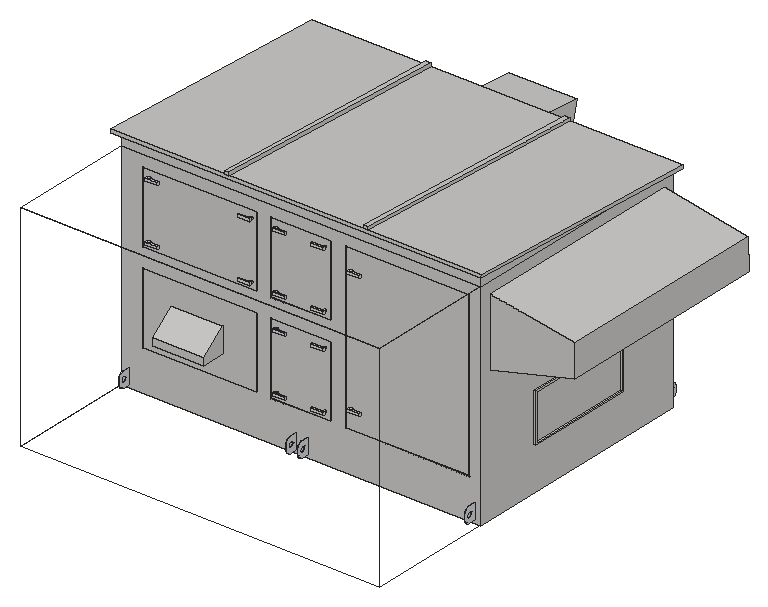
Revit family "DN-3RT-2FP-EH", category Mechanical Equipment, Revit 2016
Family settings
  Part Type = Normal
  Round Connector Dimension = Use Diameter
  OmniClass Number = 23.75.00.00
  OmniClass Title = Climate Control (HVAC)
  Work Plane-Based = No
  Always vertical = Yes
  Cut with Voids When Loaded = No
  Shared = No
  Room Calculation Point = No
Parameters (values of type "2 @ 2.70 kW ea.")
  Voltage [instance] = "200-240 V"
  Unit Weight Range (lbs) [instance] = "2900-3425 lbs."
  Max. Shipping Weight (lbs) [instance] = "3125-3650 lbs."
  Unit Dimensions (L x W x H) [instance] = "149-7/8\" x 108-1/8\" x 77-1/8\""
  Shipping Dimensions (L x W x H) [instance] = "140\" x 90\" x 83\""
  Unit [instance] = Renewaire - Galvanized Steel
  URL = "www.renewaire.com"
  Typical Airflow Range = "750-3300 CFM"
  Standard Features [instance] = "EC Motors for both airstreams, Direct drive backward inclined plenum, Higher ESP of up to 2.5\" w.g. at 3,000 CFM, Integrated programmable controls, True 100% face and bypass enthalpy based modulating economizer, Class 1 low leakage motorized isolation dampers, Stainless steel double-sloped drain pan with cooling option, 1\" Double wall foam injected 20 gauge galvanized panel construction with R6.5 insulation"
  Service Area Visibility [instance] = yes
  Service Area Box [instance] = Renewaire - Interference
  Revit Object Download Link [instance] = ""
  Phase [instance] = "Three"
  Options [instance] = "Heat pump, Modulating hot gas reheat, Steam or hot water coil, gas heat module or electric heater, Onboard variable frequency drives (VFDs) - both airstreams, Fused disconnect, Spring isolators (VFDs only), 2\" Double wall foam injected 20 gauge galvanized panel construction with R13 insulation, Exterior paint - grey, white, custom color, Salt spray - 2500 hours, BACNET factory activation, GFCI convenience outlet, Recirculation damper, Drain overflow switch,Mist eliminator, Electrofin coating for coils"
  Number Motors [instance] = "Qty. 2, Direct drive motorized impeller packages"
  Model = "DN-3RT-2FP-EH"
  Minimum Circuit Amps [instance] = "19.4 A"
  Maximum Overcurrent Protection [instance] = "25 A"
  Manufacturer = "Renewaire LLC"
  Inlets/Outlets [instance] = "OA & RA Inlets: 36\" x 16\", SA Outlet: 24\" x 16\", EA Outlet: 20\" x 16\""
  Frequency [instance] = "50/60 Hz"
  Filters [instance] = "Total qty. 6, MERV 8: 20\" x 20\" x 2\""
  FLA per Motor [instance] = "8.6-7.2"
  Energy Recovery Type [instance] = "Static plate total energy transfer"
  Description = "Energy Recovery Ventilator"
  Accessories [instance] = "Filters - MERV 13, 2\"  and 4\" (shipped loose), MERV 14, 2\" and 4\" (shipped loose), Additional filters available upon request, Roof curb - standard 14\", Hurricane or seismic rated curbs, Curb clip kit, Carbon dioxide sensor/control - wall mount (CO2-W), duct mount (CO2-D), IAQ sensor - wall mount (IAQ-W), duct mount (IAQ-D), Motion occupancy sensor/control - ceiling mount (MC-C), wall mount (MC-W), Smoke detector, Room temperature and humidity sensor, Duct static pressure sensor with display to 10\", without display 0-2\", Room pressure sensor with display to 1\", without display 0-1\", Waterless trap negative pressure, waterless trap positive pressure, Remote display"
  AHRI 1060 Certified Core [instance] = "Three L-125-G5"
Types (6): name | Voltage | Minimum Circuit Amps | Maximum Overcurrent Protection | FLA per Motor
  (no name) | "200-240 V" | "19.4 A" | "25 A" | "8.6-7.2"
  2 @ 2.70 kW ea. | "200-240 V" | "19.4 A" | "25 A" | "8.6-7.2"
  2 @ 3.70 kW ea. | "380-480 V" | "13.5 A" | "15 A" | "6.0-4.6"
  2 @ 5HP ea. 208-230V | "208-230 V" | "31.3 A" | "45 A" | "13.9-13.4/6.7"
  2 @ 5HP ea. 460V | "460V" | "15.1 A" | "20 A" | "6.7"
  2 @ 5HP ea. 575V | "575V" | "11.9 A" | "15 A" | "5.3"
Reference planes (in)
  plane 1 "Center (Front/Back)": y = 0
  plane 2: z = 0
  plane 3 "Center (Left/Right)": x = 0
  plane 4: y = -39.6875
  plane 5: x = -48.25
Forms (in)
  Extrusion 1, solid, material "Renewaire - Galvanized Steel" <- "Unit"
    sketch origin (0, 0, 0) x (0, 1, 0) y (0, 0, 1)
      loop
        line (38.6875, 70.875) -> (-40.6875, 70.875) -> (-40.6875, 0) -> (38.6875, 0) -> (38.6875, 70.875)
    from 70.875 to -48.25
  Extrusion 2, void
    sketch origin (0, 0, 0) x (1, 0, 0) y (0, 0, 1)
      loop
        line (-41.23219, 67.32399) -> (-41.23219, 43.32172) -> (-3.23221, 43.32172) -> (-3.23221, 67.32399) -> (-41.23219, 67.32399)
      loop
        line (21.2974, 67.32399) -> (1.2974, 67.32399) -> (1.2974, 43.32172) -> (21.2974, 43.32172) -> (21.2974, 67.32399)
      loop
        line (67.20649, 67.32399) -> (26.2065, 67.32399) -> (26.2065, 13.32173) -> (67.20649, 13.32173) -> (67.20649, 67.32399)
      loop
        line (-41.23219, 37.32286) -> (-41.23219, 13.3206) -> (-3.23221, 13.3206) -> (-3.23221, 37.32286) -> (-41.23219, 37.32286)
      loop
        line (21.2974, 37.32286) -> (1.2974, 37.32286) -> (1.2974, 13.3206) -> (21.2974, 13.3206) -> (21.2974, 37.32286)
    from 41.6875 to 39.6875
  Extrusion 3, solid, material "Renewaire - Galvanized Steel" <- "Unit"
    sketch origin (0, -1.04504, 1.25231) x (0, 1, 0) y (0, 0, 1)
      loop
        line (12.02253, 30.88417) -> (-11.97747, 30.88417) -> (-11.97747, 14.88417) -> (12.02253, 14.88417) -> (12.02253, 30.88417)
      loop
        line (11.77253, 30.63417) -> (-11.72747, 30.63417) -> (-11.72747, 15.13417) -> (11.77253, 15.13417) -> (11.77253, 30.63417)
    from -48.25 to -49.25
  Extrusion 4, solid, material "Renewaire - Galvanized Steel" <- "Unit"
    sketch origin (0, -1.04504, 3) x (0, 1, 0) y (0, 0, 1)
      loop
        line (-17.97746, 27.82167) -> (-17.97746, 11.82167) -> (18.02254, 11.82167) -> (18.02254, 27.82167) -> (-17.97746, 27.82167)
      loop
        line (-17.72746, 27.57167) -> (-17.72746, 12.07167) -> (17.77254, 12.07167) -> (17.77254, 27.57167) -> (-17.72746, 27.57167)
    from 71.875 to 70.875
  Extrusion 5, void
    sketch origin (0, 0, 0) x (1, 0, 0) y (0, 1, 0)
      loop
        line (-46.25, 36.6875) -> (-46.25, -38.6875) -> (68.875, -38.6875) -> (68.875, 36.6875) -> (-46.25, 36.6875)
    from -1 to 6
  Extrusion 6, void
    sketch origin (0, 0, 0) x (1, 0, 0) y (0, 1, 0)
      loop
        line (63.82319, 17.02251) -> (47.8232, 17.02251) -> (47.8232, -18.97749) -> (63.82319, -18.97749) -> (63.82319, 17.02251)
      loop
        line (-23.4555, 11.02929) -> (-39.4555, 11.02929) -> (-39.4555, -12.97071) -> (-23.4555, -12.97071) -> (-23.4555, 11.02929)
    from 4 to 6.125
  Extrusion 7, solid, material "Renewaire - Interference" <- "Service Area Box"
    sketch origin (0, 0, 0) x (1, 0, 0) y (0, 1, 0)
      loop
        line (-48.25, -40.6875) -> (-48.25, -82.6875) -> (70.875, -82.6875) -> (70.875, -40.6875) -> (-48.25, -40.6875)
    from 0 to 70.875
  Extrusion 8, solid, material "Renewaire - Galvanized Steel" <- "Unit"
    sketch origin (0, 0, 0) x (1, 0, 0) y (0, 0, 1)
      loop
        line (-40.98219, 67.07399) -> (-40.98219, 43.57172) -> (-3.48221, 43.57172) -> (-3.48221, 67.07399) -> (-40.98219, 67.07399)
      loop
        line (1.5474, 67.07399) -> (1.5474, 43.57172) -> (21.0474, 43.57172) -> (21.0474, 67.07399) -> (1.5474, 67.07399)
      loop
        line (-40.98219, 37.07286) -> (-40.98219, 13.5706) -> (-3.48221, 13.5706) -> (-3.48221, 37.07286) -> (-40.98219, 37.07286)
      loop
        line (1.5474, 37.07286) -> (1.5474, 13.5706) -> (21.0474, 13.5706) -> (21.0474, 37.07286) -> (1.5474, 37.07286)
      loop
        line (26.4565, 67.07399) -> (26.4565, 13.57173) -> (66.95649, 13.57173) -> (66.95649, 67.07399) -> (26.4565, 67.07399)
    from 39.6875 to 40.6875
  Extrusion 9, solid, material "Renewaire - Galvanized Steel" <- "Unit"
    sketch origin (0, 0, 0) x (0, 1, 0) y (0, 0, 1)
      loop
        line (38.6875, 67.40788) -> (38.6875, 49.36009) -> (55.14296, 48.91539) -> (59.60759, 65.57761) -> (38.6875, 67.40788)
    from 0 to 22.39252
  Extrusion 10, solid, material "Renewaire - Galvanized Steel" <- "Unit"
    sketch origin (0, 0, 0) x (1, 0, 0) y (0, 0, 1)
      loop
        line (70.875, 67.38694) -> (70.875, 44.63001) -> (98.94202, 51.93797) -> (98.94202, 62.43797) -> (70.875, 67.38694)
    from -35.06601 to 37.05392
  Extrusion 11, solid, material "Renewaire - Galvanized Steel" <- "Unit"
    sketch origin (24.75, 0, 0) x (1, 0, 0) y (0, 0, 1)
      loop
        line (-73, 29.6828) -> (-77.34667, 28.51811) -> (-75.24095, 20.65947) -> (-73, 20.65947) -> (-73, 29.6828)
    from 14.47821 to 22.90376
  Extrusion 12, solid, material "Renewaire - Galvanized Steel" <- "Unit"
    sketch origin (0, 0, 0) x (0, 1, 0) y (0, 0, 1)
      loop
        line (-40.6875, 20.87411) -> (-40.6875, 29.23787) -> (-48.4375, 23.18634) -> (-48.4375, 20.87411) -> (-40.6875, 20.87411)
    from -31.75 to -14.75
  Extrusion 13, solid, material "Renewaire - Galvanized Steel" <- "Unit"
    sketch origin (0, 0, 0) x (0, 1, 0) y (0, 0, 1)
      loop
        line (40.71506, 70.90575) -> (40.76536, 71.90448) -> (-42.74883, 76.11069) -> (-42.79913, 75.11195) -> (40.71506, 70.90575)
    from -50.25 to 72.69298
  Extrusion 14, solid, material "Renewaire - Galvanized Steel" <- "Unit"
    sketch origin (0, 0, 0) x (0, 1, 0) y (0, 0, 1)
      loop
        line (38.6875, 70.875) -> (38.6875, 71.00786) -> (-40.6875, 75.0056) -> (-40.6875, 70.875) -> (38.6875, 70.875)
    from -48.25 to 70.875
  Extrusion 15, solid, material "Renewaire - Galvanized Steel" <- "Unit"
    sketch origin (0, 0, 0) x (0, 1, 0) y (0, 0, 1)
      loop
        line (40.76536, 71.90448) -> (40.81566, 72.90323) -> (-42.69853, 77.10944) -> (-42.74883, 76.11069) -> (40.76536, 71.90448)
    from -12.5 to -11
  Extrusion 16, solid, material "Renewaire - Galvanized Steel" <- "Unit"
    sketch origin (0, 0, 0) x (0, 1, 0) y (0, 0, 1)
      loop
        line (40.76536, 71.90448) -> (40.81566, 72.90323) -> (-42.69853, 77.10944) -> (-42.74883, 76.11069) -> (40.76536, 71.90448)
    from 33.54994 to 35.04499
Cuts and joins
  Extrusion 2, Extrusion 5, Extrusion 6 cuts Extrusion 1
Dimensions and locks (in)
  Extrusion 13 to Extrusion 15 = 3' - 1 3/4"
  aligned and locked: level to plane 2
  aligned and locked: cut or joined group of Extrusion 1, Extrusion 2, Extrusion 5, Extrusion 6 to nested 1
  aligned and locked: cut or joined group of Extrusion 1, Extrusion 2, Extrusion 5, Extrusion 6 to Extrusion 7 sketch curve
  aligned and locked: Extrusion 7 sketch curve to cut or joined group of Extrusion 1, Extrusion 2, Extrusion 5, Extrusion 6
  aligned and locked: Extrusion 7 to level
Nested families (in)
  nested 1: "Handle" at (-5.16738, -40.6875, 64.71643), type "Handle"
    with Right Handle no, Left Handle yes, Flip yes
  nested 2: "Handle" at (-5.16738, -40.6875, 45.71643), type "Handle"
    with Right Handle no, Left Handle yes, Flip yes
  nested 3: "Handle" at (-39.08054, -40.6875, 64.71643) x (-1, 0, 0) z (0, 0, 1), type "Handle"
    with Right Handle no, Left Handle yes, Flip yes
  nested 4: "Handle" at (-39.08054, -40.6875, 45.71643) x (-1, 0, 0) z (0, 0, 1), type "Handle"
    with Right Handle no, Left Handle yes, Flip yes
  nested 5: "Handle" at (19.19534, -40.6875, 64.71643), type "Handle"
    with Right Handle no, Left Handle yes, Flip yes
  nested 6: "Handle" at (19.19534, -40.6875, 45.71643), type "Handle"
    with Right Handle no, Left Handle yes, Flip yes
  nested 7: "Handle" at (3.28217, -40.6875, 64.71643) x (-1, 0, 0) z (0, 0, 1), type "Handle"
    with Right Handle no, Left Handle yes, Flip yes
  nested 8: "Handle" at (3.28217, -40.6875, 45.71643) x (-1, 0, 0) z (0, 0, 1), type "Handle"
    with Right Handle no, Left Handle yes, Flip yes
  nested 9: "Handle" at (19.19534, -40.6875, 34.7153), type "Handle"
    with Right Handle no, Left Handle yes, Flip yes
  nested 10: "Handle" at (19.19534, -40.6875, 15.7153), type "Handle"
    with Right Handle no, Left Handle yes, Flip yes
  nested 11: "Handle" at (3.28217, -40.6875, 34.7153) x (-1, 0, 0) z (0, 0, 1), type "Handle"
    with Right Handle no, Left Handle yes, Flip yes
  nested 12: "Handle" at (3.28217, -40.6875, 15.7153) x (-1, 0, 0) z (0, 0, 1), type "Handle"
    with Right Handle no, Left Handle yes, Flip yes
  nested 13: "Lifting Lug" at (-45.763, 38.6875, 0.74993) x (0, 1, 0) z (0, 0, 1), Material <- "Unit", type "Lifting Lug"
    with Material Renewaire - Galvanized Steel
  nested 14: "Lifting Lug" at (13.47571, 38.6875, 0.74993) x (0, 1, 0) z (0, 0, 1), Material <- "Unit", type "Lifting Lug"
    with Material Renewaire - Galvanized Steel
  nested 15: "Lifting Lug" at (68.85071, 38.6875, 0.74993) x (0, 1, 0) z (0, 0, 1), Material <- "Unit", type "Lifting Lug"
    with Material Renewaire - Galvanized Steel
  nested 16: "Lifting Lug" at (9.612, 38.6875, 0.74993) x (0, 1, 0) z (0, 0, 1), Material <- "Unit", type "Lifting Lug"
    with Material Renewaire - Galvanized Steel
  nested 17: "Lifting Lug" at (-45.763, -40.6875, 0.74993) x (0, -1, 0) z (0, 0, 1), Material <- "Unit", type "Lifting Lug"
    with Material Renewaire - Galvanized Steel
  nested 18: "Lifting Lug" at (13.47571, -40.6875, 0.74993) x (0, -1, 0) z (0, 0, 1), Material <- "Unit", type "Lifting Lug"
    with Material Renewaire - Galvanized Steel
  nested 19: "Lifting Lug" at (68.85071, -40.6875, 0.74993) x (0, -1, 0) z (0, 0, 1), Material <- "Unit", type "Lifting Lug"
    with Material Renewaire - Galvanized Steel
  nested 20: "Lifting Lug" at (9.612, -40.6875, 0.74993) x (0, -1, 0) z (0, 0, 1), Material <- "Unit", type "Lifting Lug"
    with Material Renewaire - Galvanized Steel
  nested 21: "Handle" at (27.90471, -40.6875, 60.57394) x (-1, 0, 0) z (0, 0, 1), type "Handle"
    with Right Handle no, Left Handle yes, Flip yes
  nested 22: "Handle" at (27.90471, -40.6875, 19.59892) x (-1, 0, 0) z (0, 0, 1), type "Handle"
    with Right Handle no, Left Handle yes, Flip yes
Connectors (in)
  hvac at (-49.25, -1.02251, 24.13648)
    settings: on Extrusion 3, index 1, duct flow 0 CFM, flow factor 0, pres drop 0.00 in-wg, loss coef 0, conn angle 0.00°, conn width 24", conn height 16", conn diameter 24", duct sys type 1, conn prof type 1, flow config 0, flow direction 2, loss method 0, conn ref index -1, conn util no, is conn primary yes, conn desc "Supply Air (SA)"
  hvac at (71.875, -1.0225, 22.82167)
    settings: on Extrusion 4, index 4, duct flow 0 CFM, flow factor 0, pres drop 0.00 in-wg, loss coef 0, conn angle 0.00°, conn width 36", conn height 16", conn diameter 24", duct sys type 2, conn prof type 1, flow config 0, flow direction 1, loss method 0, conn ref index -1, conn util no, is conn primary no, conn desc "Return Air (RA)"
  hvac at (-31.4555, -0.97071, 6)
    settings: on cut or joined group of Extrusion 1, Extrusion 2, Extrusion 5, Extrusion 6, index 5, duct flow 0 CFM, flow factor 0, pres drop 0.00 in-wg, loss coef 0, conn angle 0.00°, conn width 24", conn height 16", conn diameter 24", duct sys type 1, conn prof type 1, flow config 0, flow direction 2, loss method 0, conn ref index -1, conn util no, is conn primary no, conn desc "Return Air (RA)"
  hvac at (55.8232, -0.97749, 6.125)
    settings: on cut or joined group of Extrusion 1, Extrusion 2, Extrusion 5, Extrusion 6, index 6, duct flow 0 CFM, flow factor 0, pres drop 0.00 in-wg, loss coef 0, conn angle 0.00°, conn width 16", conn height 36", conn diameter 24", duct sys type 2, conn prof type 1, flow config 0, flow direction 1, loss method 0, conn ref index -1, conn util no, is conn primary no, conn desc "Supply Air (SA)"
Definition of nested family "Handle"
  Parameters (values of type "Handle")
    Right Handle [instance] = not(Flip)  # no
    Material = none
    Left Handle [instance] = Flip  # yes
    Flip [instance] = yes
  Reference planes (in)
    plane 1 "Center (Front/Back)": y = 0
    plane 2: z = 0
    plane 3 "Center (Left/Right)": x = 0
  Forms (in)
    Extrusion 1, solid, material <- "Material"
      sketch origin (0, 0, 0) x (1, 0, 0) y (0, 0, 1)
        loop
          circle (0, 0) r 0.375
      from 0 to 0.75
    Extrusion 2, solid, material <- "Material", visible <- "Right Handle"
      sketch origin (0, 0, 0) x (1, 0, 0) y (0, 1, 0)
        loop
          line (-0.375, -0.75) -> (-0.375, -1.25) -> (3.625, -1.25) -> (3.625, -0.75) -> (-0.375, -0.75)
      from -0.375 to 0.375
    Extrusion 3, solid, material <- "Material", visible <- "Left Handle"
      sketch origin (-3.25, 0, 0) x (1, 0, 0) y (0, 1, 0)
        loop
          line (-0.375, -0.75) -> (-0.375, -1.25) -> (3.625, -1.25) -> (3.625, -0.75) -> (-0.375, -0.75)
      from -0.375 to 0.375
  Dimensions and locks (in)
    aligned and locked: plane 2 to level
Definition of nested family "Lifting Lug"
  Parameters (values of type "Lifting Lug")
    Material [instance] = none
  Reference planes (in)
    plane 1 "Center (Front/Back)": y = 0
    plane 2: z = 0
    plane 3 "Center (Left/Right)": x = 0
  Forms (in)
    Extrusion 1, solid
      sketch origin (0, 0, 0) x (1, 0, 0) y (0, 0, 1)
        loop
          line (0, 0.1875) -> (2, 0.1875)
          arc (2, 0.1875) -> (3.41421, 0.77329) -> (4, 2.1875) r 2
          line (4, 2.1875) -> (4, 3.1875)
          arc (4, 3.1875) -> (3.41421, 4.60171) -> (2, 5.1875) r 2
          line (2, 5.1875) -> (0, 5.1875) -> (0, 0.1875)
        loop
          circle (2.125, 2.6875) r 1
      from 0 to 0.25
  Dimensions and locks (in)
    aligned and locked: plane 2 to level
